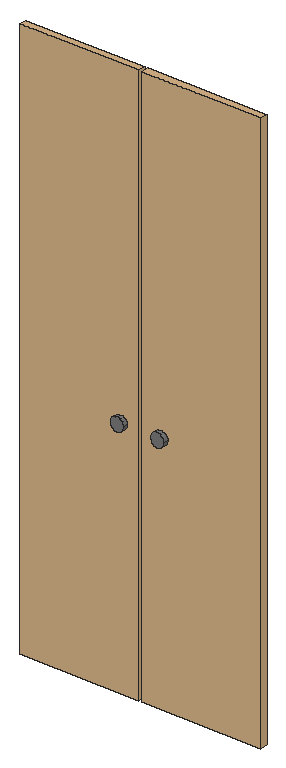
Revit family "PKNail Double", category Doors, host Wall, Revit 2017
Family settings
  Host = Wall
  Always vertical = Yes
  Cut with Voids When Loaded = No
  Shared = No
  Room Calculation Point = No
Parameters (values of type "36" x 84"")
  Width = 3' - 0"
  PKNail Family Lateral Orientation = "None"
  PKNail Family Facing Orientation = "Swinging"
  PKNail Family = "Double"
  Height = 7' - 0"
  Function = Interior
  Assembly Code = ""
Reference planes (in)
  plane 1: y = 0
  plane 2 "Center (Left/Right)": x = 0
  plane 3 "Wall Edge": y = 3
  plane 4: x = -18
  plane 5: x = 18
  plane 6: z = 84
Forms (in)
  Extrusion 1, void
    sketch origin (0, 3, 0) x (1, 0, 0) y (0, 0, 1)
      loop
        line (18, 84) -> (-18, 84) -> (-18, 0) -> (18, 0) -> (18, 84)
    from 0 to 60
  Extrusion 2, solid, material "Door - Panel"
    sketch origin (0, 3, 0) x (1, 0, 0) y (0, 0, 1)
      loop
        line (0.25, 0.125) -> (17.875, 0.125) -> (17.875, 83.875) -> (0.25, 83.875) -> (0.25, 0.125)
    from 0 to 1
  Extrusion 3, solid, material "Door - Panel"
    sketch origin (-18.125, 3, 0) x (1, 0, 0) y (0, 0, 1)
      loop
        line (0.25, 0.125) -> (17.875, 0.125) -> (17.875, 83.875) -> (0.25, 83.875) -> (0.25, 0.125)
    from 0 to 1
  Extrusion 4, solid, material "Door - Knob"
    sketch origin (-2.75, 3, 36) x (1, 0, 0) y (0, 0, 1)
      loop
        circle (-0.25, 0.125) r 1
    from 0 to -0.75
  Extrusion 5, solid, material "Door - Knob"
    sketch origin (3.25, 3, 36) x (1, 0, 0) y (0, 0, 1)
      loop
        circle (-0.25, 0.125) r 1
    from 0 to -0.75
  Extrusion 6, solid, material "Door - Knob"
    sketch origin (-0.25, 3, 12) x (1, 0, 0) y (0, 0, 1)
      loop
        circle (3.25, 24.125) r 1
    from 1.61879 to 1
  Extrusion 7, solid, material "Door - Knob"
    sketch origin (-6.25, 3, 12) x (1, 0, 0) y (0, 0, 1)
      loop
        circle (3.25, 24.125) r 1
    from 1.61879 to 1
Lines and regions (in)
  symbolic lines
    curve 1: line (18, 3, 0) -> (18, 20.75, 0)
    curve 2: line (17, 3, 0) -> (17, 20.72181, 0)
    curve 3: arc (0.25, 3, 0) -> (5.44885, 15.55115, 0) -> (18, 20.75, 0) r 17.75
    curve 4: arc (-0.25, 3, 0) -> (-5.41224, 15.46276, 0) -> (-17.875, 20.625, 0) r 17.625
    curve 5: line (-17.875, 3, 0) -> (-17.875, 20.625, 0)
    curve 6: line (-16.875, 3, 0) -> (-16.875, 20.625, 0)
Text (in)
  text "Placement Side" at (0, 40.15149, 123.01588), in view "Right"
  text "Placement Side" at (-91.8163, 45.38811, 0), in view "Ref. Level"
  text "Placement Side" at (0, 81.62555, 140.59947), in view "Left"
Dimensions and locks (in)
  locked: plane 3 "Wall Edge" to host wall
  equal spacing: plane 5, plane 2 "Center (Left/Right)", plane 4
  "Width": plane 5 to plane 4
  "Height": level to plane 6
  aligned and locked: plane 5 to Extrusion 1 sketch curve
  aligned and locked: plane 6 to Extrusion 1 sketch curve
  aligned and locked: level to Extrusion 1 sketch curve
  aligned and locked: Extrusion 1 sketch curve to plane 4
Automatic sketch dimensions
  curve 5 to host wall = 0' - 0"
  curve 4 to host wall = 0' - 0"
  curve 6 to host wall = 0' - 0"
  curve 3 to host wall = 0' - 0"
  curve 2 to host wall = 0' - 0"
  curve 3 to plane 5 = 0' - 0"
  curve 1 to host wall = 0' - 0"
  curve 2 to plane 5 = 0' - 1"
  plane 2 "Center (Left/Right)" to curve 3 = 0' - 0 1/4"
  curve 4 to plane 2 "Center (Left/Right)" = 0' - 0 1/4"
  plane 4 to curve 6 = 0' - 1 1/8"
  plane 4 to curve 4 = 0' - 0 1/8"
  curve 4 to curve 6 = 0' - 0"
  plane 2 "Center (Left/Right)" to Extrusion 2 sketch curve = 0' - 0 1/4"
  Extrusion 2 sketch curve to plane 5 = 0' - 0 1/8"
  level to Extrusion 2 sketch curve = 0' - 0 1/8"
  Extrusion 2 sketch curve to plane 6 = 0' - 0 1/8"
  plane 4 to Extrusion 3 sketch curve = 0' - 0 1/8"
  level to Extrusion 3 sketch curve = 0' - 0 1/8"
  Extrusion 3 sketch curve to plane 2 "Center (Left/Right)" = 0' - 0 1/4"
  Extrusion 3 sketch curve to plane 6 = 0' - 0 1/8"
  Extrusion 4 sketch curve to plane 2 "Center (Left/Right)" = 0' - 3"
  level to Extrusion 4 sketch curve = 3' - 0 1/8"
  plane 2 "Center (Left/Right)" to Extrusion 5 sketch curve = 0' - 3"
  level to Extrusion 5 sketch curve = 3' - 0 1/8"
  plane 2 "Center (Left/Right)" to Extrusion 6 sketch curve = 0' - 3"
  level to Extrusion 6 sketch curve = 3' - 0 1/8"
  Extrusion 7 sketch curve to plane 2 "Center (Left/Right)" = 0' - 3"
  level to Extrusion 7 sketch curve = 3' - 0 1/8"
  radius of Extrusion 4 sketch curve = 0' - 1"
  radius of Extrusion 5 sketch curve = 0' - 1"
  radius of Extrusion 6 sketch curve = 0' - 1"
  radius of Extrusion 7 sketch curve = 0' - 1"
